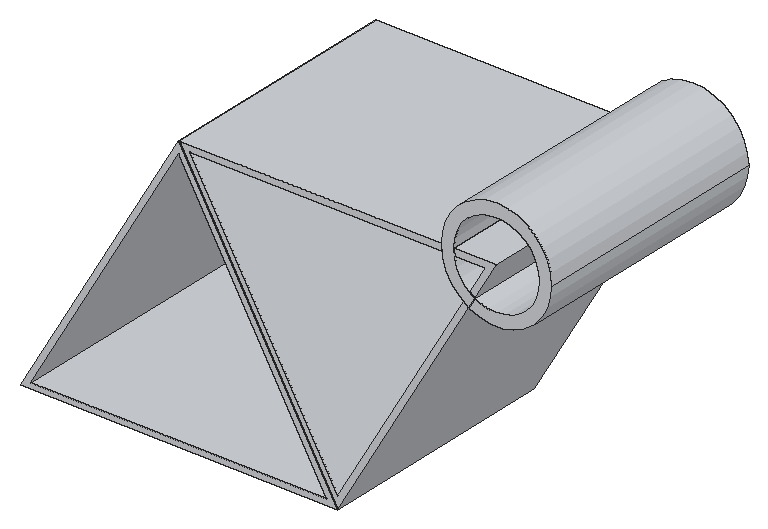
Revit family
Reference planes
  plane 1 "Center (Front/Back)": y = 0
  plane 2: z = 0
  plane 3 "Center (Left/Right)": x = 0
  plane 4 "Left": x = -64.665
  plane 5 "Right": x = 64.665
  plane 6 "Top": z = 224.006
  plane 7: y = -200
  plane 8: x = 193.995
Forms (mm)
  Blend 1, solid
    base sketch origin (0, 0, 0) x (1, 0, 0) y (0, 0, 1)
      loop
        circle (193.995, 224.006) r 45
    top sketch origin (0, 0, 0) x (1, 0, 0) y (0, 0, 1)
      loop
        circle (193.995, 224.006) r 45
    from 0 to 200
  Blend 2, void
    base sketch origin (0, 0, 0) x (1, 0, 0) y (0, 0, 1)
      loop
        circle (193.995, 224.006) r 35
    top sketch origin (0, 0, 0) x (1, 0, 0) y (0, 0, 1)
      loop
        circle (193.995, 224.006) r 35
    from 0 to 200
Cuts and joins
  Blend 2 cuts Blend 1
Lines and regions (mm)
  reference lines
    curve 1: line (64.665, 0, 0) -> (64.665, 0, 360)
    curve 2: line (-64.665, 0, 224.006) -> (-64.665, 0, 360)
    curve 3: circle (193.995, 0, 224.006) r 40 normal (0, -1, 0)
    curve 4: circle (193.995, 0, 224.006) r 35 normal (0, -1, 0)
    curve 5: circle (193.995, 0, 224.006) r 45 normal (0, -1, 0)
    curve 6: circle (193.995, -200, 224.006) r 45 normal (0, -1, 0)
    curve 7: circle (193.995, -200, 224.006) r 40 normal (0, -1, 0)
    curve 8: circle (193.995, -200, 224.006) r 35 normal (0, -1, 0)
Text (mm)
  text "Exterior" at (-2351.972, 1416.179, 0), in view "Ref. Level"
  text "Exterior" at (0, 2290.741, 4406.713), in view "Left"
  text "Exterior" at (0, 1328.187, 4120.349), in view "Right"
Dimensions and locks
  equal spacing: plane 4 "Left", plane 3 "Center (Left/Right)", plane 5 "Right"
  plane 4 "Left" to plane 5 "Right" = 129.33 mm
  plane 6 "Top" to level = 224.006 mm
  aligned and locked: plane 5 "Right" to curve 1
  aligned and locked: plane 4 "Left" to curve 2
  aligned and locked: plane 2 to nested 1
  aligned and locked: plane 6 "Top" to nested 2
  aligned and locked: plane 1 "Center (Front/Back)" to nested 1
  aligned and locked: plane 1 "Center (Front/Back)" to nested 2
  aligned and locked: plane 7 to nested 1
  aligned and locked: Blend 1 sketch curve to curve 5
  aligned and locked: Blend 1 sketch curve to curve 6
  aligned and locked: plane 7 to Blend 1
  aligned and locked: Blend 2 sketch curve to curve 4
  aligned and locked: Blend 2 sketch curve to curve 8
  aligned and locked: nested 1 to Blend 2
Automatic sketch dimensions
  curve 3 to curve 4 = 0 mm  (x2)
  curve 3 to curve 5 = 0 mm
  curve 4 to curve 5 = 0 mm
  curve 3 to plane 6 "Top" = 0 mm
  curve 1 to level = 0 mm
  curve 2 to plane 6 "Top" = 0 mm
  curve 3 to plane 5 "Right" = 129.33 mm
  curve 1 to plane 6 "Top" = 135.994 mm
  curve 2 to curve 1 = 0 mm
  curve 6 to curve 7 = 0 mm  (x2)
  curve 6 to curve 8 = 0 mm  (x2)
  curve 7 to curve 8 = 0 mm  (x2)
  curve 7 to plane 6 "Top" = 0 mm
  curve 7 to plane 5 "Right" = 129.33 mm
  radius of curve 3 = 40 mm
  radius of curve 4 = 35 mm
  radius of curve 5 = 45 mm
  radius of curve 6 = 45 mm
  radius of curve 7 = 40 mm
  radius of curve 8 = 35 mm
Nested families
  nested 1: "prisma_curtainwall_C" at (-64.665, 0, 110.753), type "prisma_curtainwall_C"
  nested 2: "prisma_curtainwall_C_reverse" at (64.665, 0, 113.253), type "prisma_curtainwall_C_reverse"
Definition of nested family "prisma_curtainwall_C"
  Parameters
    spessore = 5 mm
    metà_spessore = spessore / 2  # 2.5 mm
    metà_lato_sup = lato_sup / 2  # 125 mm
    metà_lato_inf = lato_inf / 2  # 125 mm
    metà_altezza_sup = altezza_sup / 2  # 108.253 mm
    metà_altezza_inf = altezza_inf / 2  # 108.253 mm
    lato_sup = 250 mm
    lato_inf = 250 mm
    altezza_sup = sqrt(lato_sup ^ 2 - metà_lato_sup ^ 2)  # 216.506 mm
    altezza_prisma = 200 mm
    altezza_inf = sqrt(lato_inf ^ 2 - metà_lato_inf ^ 2)  # 216.506 mm
    C_spessore = 5 mm
    C_metà_spessore = C_spessore / 2  # 2.5 mm
    C_metà_lato_sup = C_lato_sup / 2  # 125 mm
    C_metà_lato_inf = C_lato_inf / 2  # 125 mm
    C_metà_altezza_sup = C_altezza_sup / 2  # 108.253 mm
    C_metà_altezza_inf = C_altezza_inf / 2  # 108.253 mm
    C_lato_sup = 250 mm
    C_lato_inf = 250 mm
    C_altezza_sup = sqrt(C_lato_sup ^ 2 - C_metà_lato_sup ^ 2)  # 216.506 mm
    C_altezza_prisma = 200 mm
    C_altezza_inf = sqrt(C_lato_inf ^ 2 - C_metà_lato_inf ^ 2)  # 216.506 mm
  Reference planes
    plane 1 "Center (Front/Back)": y = 0
    plane 2: z = -108.253
    plane 3 "Center (Left/Right)": x = 0
    plane 4: z = 108.253
    plane 5: x = 125
    plane 6: x = -125
    plane 7: x = 125
    plane 8: x = -125
    plane 9: z = 108.253
    plane 10: z = -108.253
    plane 11: y = -200
  Forms (mm)
    Blend 1, solid
      base sketch origin (0, 0, 0) x (1, 0, 0) y (0, 0, 1)
        loop
          line (0, 113.253) -> (-129.33, -110.753) -> (129.33, -110.753) -> (0, 113.253)
      top sketch origin (0, 0, 0) x (1, 0, 0) y (0, 0, 1)
        loop
          line (0, 113.253) -> (-129.33, -110.753) -> (129.33, -110.753) -> (0, 113.253)
      from 200 to 0
    Blend 2, void
      base sketch origin (0, 0, 0) x (1, 0, 0) y (0, 0, 1)
        loop
          line (0, 103.253) -> (-120.67, -105.753) -> (120.67, -105.753) -> (0, 103.253)
      top sketch origin (0, 0, 0) x (1, 0, 0) y (0, 0, 1)
        loop
          line (0, 103.253) -> (-120.67, -105.753) -> (120.67, -105.753) -> (0, 103.253)
      from 0 to 200
  Cuts and joins
    Blend 2 cuts Blend 1
  Lines and regions (mm)
    reference lines
      curve 1: line (0, 0, 108.253) -> (125, 0, -108.253)
      curve 2: line (125, 0, -108.253) -> (-125, 0, -108.253)
      curve 3: line (-125, 0, -108.253) -> (0, 0, 108.253)
      curve 4: line (-129.33, 0, -110.753) -> (129.33, 0, -110.753)
      curve 5: line (129.33, 0, -110.753) -> (0, 0, 113.253)
      curve 6: line (0, 0, 113.253) -> (-129.33, 0, -110.753)
      curve 7: line (0, 0, 103.253) -> (120.67, 0, -105.753)
      curve 8: line (120.67, 0, -105.753) -> (-120.67, 0, -105.753)
      curve 9: line (-120.67, 0, -105.753) -> (0, 0, 103.253)
      curve 10: line (-125, -200, -108.253) -> (0, -200, 108.253)
      curve 11: line (0, -200, 108.253) -> (125, -200, -108.253)
      curve 12: line (125, -200, -108.253) -> (-125, -200, -108.253)
      curve 13: line (0, -200, 113.253) -> (129.33, -200, -110.753)
      curve 14: line (129.33, -200, -110.753) -> (-129.33, -200, -110.753)
      curve 15: line (-129.33, -200, -110.753) -> (0, -200, 113.253)
      curve 16: line (-120.67, -200, -105.753) -> (120.67, -200, -105.753)
      curve 17: line (120.67, -200, -105.753) -> (0, -200, 103.253)
      curve 18: line (0, -200, 103.253) -> (-120.67, -200, -105.753)
  Dimensions and locks
    "C_metà_lato_inf": plane 6 to plane 3 "Center (Left/Right)"
    "C_metà_lato_inf": plane 5 to plane 3 "Center (Left/Right)"
    "C_metà_altezza_inf": plane 4 to level
    "C_metà_altezza_inf": level to plane 2
    "C_metà_spessore": curve 3 to curve 6
    "C_metà_spessore": curve 2 to curve 4
    "C_metà_spessore": curve 1 to curve 5
    "C_metà_spessore": curve 7 to curve 1
    "C_metà_spessore": curve 8 to curve 2
    "C_metà_spessore": curve 9 to curve 3
    "C_metà_lato_sup": plane 3 "Center (Left/Right)" to plane 8
    "C_metà_lato_sup": plane 7 to plane 3 "Center (Left/Right)"
    "C_metà_altezza_sup": plane 9 to level
    "C_metà_altezza_sup": level to plane 10
    "C_metà_spessore": curve 11 to curve 13
    "C_metà_spessore": curve 10 to curve 15
    "C_metà_spessore": curve 12 to curve 14
    "C_metà_spessore": curve 16 to curve 12
    "C_metà_spessore": curve 10 to curve 18
    "C_metà_spessore": curve 11 to curve 17
    "altezza_prisma": plane 1 "Center (Front/Back)" to plane 11
    aligned and locked: Blend 1 sketch curve to curve 13
    aligned and locked: Blend 1 sketch curve to curve 15
    aligned and locked: Blend 1 sketch curve to curve 14
    aligned and locked: Blend 1 sketch curve to curve 5
    aligned and locked: Blend 1 sketch curve to curve 6
    aligned and locked: Blend 1 sketch curve to curve 4
    aligned and locked: Blend 1 to curve 10
    aligned and locked: Blend 1 to plane 1 "Center (Front/Back)"
    aligned and locked: curve 7 to Blend 2 sketch curve
    aligned and locked: curve 9 to Blend 2 sketch curve
    aligned and locked: Blend 2 sketch curve to curve 8
    aligned and locked: Blend 2 sketch curve to curve 17
    aligned and locked: Blend 2 sketch curve to curve 18
    aligned and locked: Blend 2 sketch curve to curve 16
    aligned and locked: curve 10 to Blend 2
    aligned and locked: Blend 2 to plane 1 "Center (Front/Back)"
  Automatic sketch dimensions
    curve 2 to plane 2 = 0 mm
    curve 2 to plane 6 = 0 mm
    curve 7 to plane 3 "Center (Left/Right)" = 0 mm
    curve 5 to plane 3 "Center (Left/Right)" = 0 mm
    curve 1 to plane 4 = 0 mm
    curve 13 to plane 3 "Center (Left/Right)" = 0 mm
    curve 10 to plane 3 "Center (Left/Right)" = 0 mm
    curve 10 to plane 9 = 0 mm
    curve 12 to plane 10 = 0 mm
    curve 12 to plane 8 = 0 mm
Definition of nested family "prisma_curtainwall_C_reverse"
  Parameters
    C_spessore = 5 mm
    C_metà_spessore = C_spessore / 2  # 2.5 mm
    C_metà_lato_sup = C_lato_sup / 2  # 125 mm
    C_metà_lato_inf = C_lato_inf / 2  # 125 mm
    C_metà_altezza_sup = C_altezza_sup / 2  # 108.253 mm
    C_metà_altezza_inf = C_altezza_inf / 2  # 108.253 mm
    C_lato_sup = 250 mm
    C_lato_inf = 250 mm
    C_altezza_sup = sqrt(C_lato_sup ^ 2 - C_metà_lato_sup ^ 2)  # 216.506 mm
    C_altezza_prisma = 200 mm
    C_altezza_inf = sqrt(C_lato_inf ^ 2 - C_metà_lato_inf ^ 2)  # 216.506 mm
  Reference planes
    plane 1 "Center (Front/Back)": y = 0
    plane 2: z = 0
    plane 3 "Center (Left/Right)": x = 0
    plane 4: z = 108.253
    plane 5: z = -108.253
    plane 6: x = 125
    plane 7: x = -125
    plane 8: x = 125
    plane 9: x = -125
    plane 10: z = 108.253
    plane 11: z = -108.253
    plane 12: y = -200
  Forms (mm)
    Blend 1, solid
      base sketch origin (0, 0, 0) x (1, 0, 0) y (0, 0, 1)
        loop
          line (-129.33, 110.753) -> (0, -113.253) -> (129.33, 110.753) -> (-129.33, 110.753)
      top sketch origin (0, 0, 0) x (1, 0, 0) y (0, 0, 1)
        loop
          line (-129.33, 110.753) -> (0, -113.253) -> (129.33, 110.753) -> (-129.33, 110.753)
      from 0 to 200
    Blend 2, void
      base sketch origin (0, 0, 0) x (1, 0, 0) y (0, 0, 1)
        loop
          line (120.67, 105.753) -> (-120.67, 105.753) -> (0, -103.253) -> (120.67, 105.753)
      top sketch origin (0, 0, 0) x (1, 0, 0) y (0, 0, 1)
        loop
          line (-120.67, 105.753) -> (0, -103.253) -> (120.67, 105.753) -> (-120.67, 105.753)
      from 0 to 200
  Cuts and joins
    Blend 2 cuts Blend 1
  Lines and regions (mm)
    reference lines
      curve 1: line (-125, 0, 108.253) -> (0, 0, -108.253)
      curve 2: line (0, 0, -108.253) -> (125, 0, 108.253)
      curve 3: line (125, 0, 108.253) -> (-125, 0, 108.253)
      curve 4: line (-129.33, 0, 110.753) -> (129.33, 0, 110.753)
      curve 5: line (129.33, 0, 110.753) -> (0, 0, -113.253)
      curve 6: line (0, 0, -113.253) -> (-129.33, 0, 110.753)
      curve 7: line (120.67, 0, 105.753) -> (-120.67, 0, 105.753)
      curve 8: line (-120.67, 0, 105.753) -> (0, 0, -103.253)
      curve 9: line (120.67, 0, 105.753) -> (0, 0, -103.253)
      curve 10: line (0, -200, -108.253) -> (125, -200, 108.253)
      curve 11: line (125, -200, 108.253) -> (-125, -200, 108.253)
      curve 12: line (-125, -200, 108.253) -> (0, -200, -108.253)
      curve 13: line (129.33, -200, 110.753) -> (-129.33, -200, 110.753)
      curve 14: line (-129.33, -200, 110.753) -> (0, -200, -113.253)
      curve 15: line (129.33, -200, 110.753) -> (0, -200, -113.253)
      curve 16: line (-120.67, -200, 105.753) -> (120.67, -200, 105.753)
      curve 17: line (-120.67, -200, 105.753) -> (0, -200, -103.253)
      curve 18: line (120.67, -200, 105.753) -> (0, -200, -103.253)
  Dimensions and locks
    "C_metà_lato_sup": plane 3 "Center (Left/Right)" to plane 7
    "C_metà_lato_sup": plane 6 to plane 3 "Center (Left/Right)"
    "C_metà_altezza_sup": plane 4 to plane 2
    "C_metà_altezza_sup": plane 2 to plane 5
    "C_metà_spessore": curve 4 to curve 3
    "C_metà_spessore": curve 2 to curve 5
    "C_metà_spessore": curve 6 to curve 1
    "C_metà_spessore": curve 1 to curve 8
    "C_metà_spessore": curve 3 to curve 7
    "C_metà_spessore": curve 9 to curve 2
    "C_metà_lato_inf": plane 3 "Center (Left/Right)" to plane 9
    "C_metà_lato_inf": plane 8 to plane 3 "Center (Left/Right)"
    "C_metà_altezza_inf": plane 10 to plane 2
    "C_metà_altezza_inf": plane 2 to plane 11
    "C_metà_spessore": curve 13 to curve 11
    "C_metà_spessore": curve 14 to curve 12
    "C_metà_spessore": curve 15 to curve 10
    "C_metà_spessore": curve 11 to curve 16
    "C_metà_spessore": curve 12 to curve 17
    "C_metà_spessore": curve 18 to curve 10
    "C_altezza_prisma": plane 1 "Center (Front/Back)" to plane 12
    aligned and locked: Blend 1 sketch curve to curve 4
    aligned and locked: Blend 1 sketch curve to curve 5
    aligned and locked: Blend 1 sketch curve to curve 6
    aligned and locked: Blend 1 sketch curve to curve 14
    aligned and locked: Blend 1 sketch curve to curve 13
    aligned and locked: Blend 1 sketch curve to curve 15
    aligned and locked: Blend 2 sketch curve to curve 9
    aligned and locked: Blend 2 sketch curve to curve 7
    aligned and locked: Blend 2 sketch curve to curve 8
    aligned and locked: Blend 2 sketch curve to curve 17
    aligned and locked: Blend 2 sketch curve to curve 16
    aligned and locked: Blend 2 sketch curve to curve 18
    aligned and locked: Blend 1 to curve 10
    aligned and locked: curve 10 to Blend 2
  Automatic sketch dimensions
    curve 1 to plane 4 = 0 mm
    curve 1 to plane 7 = 0 mm
    curve 5 to plane 3 "Center (Left/Right)" = 0 mm
    curve 8 to plane 3 "Center (Left/Right)" = 0 mm
    curve 2 to plane 5 = 0 mm
    curve 12 to plane 3 "Center (Left/Right)" = 0 mm
    curve 10 to plane 11 = 0 mm
    curve 11 to plane 9 = 0 mm
    curve 11 to plane 10 = 0 mm
    curve 15 to plane 3 "Center (Left/Right)" = 0 mm
